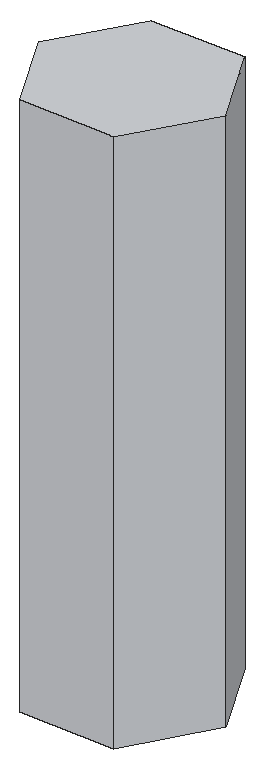
Revit family "$Player_Cat", category Generic Models, Revit 2020
Family settings
  Can host rebar = No
  Round Connector Dimension = Use Diameter
  Part Type = Normal
  Work Plane-Based = No
  Always vertical = Yes
  Cut with Voids When Loaded = No
  Shared = No
  Room Calculation Point = No
Parameters (values of type "SD")
  yes = 2 > 1  # yes
  show_standard [instance] = not(show_overweight)  # yes
  show_overweight [instance] = _property_is_overweight  # no
  no = not(yes)  # no
  _property_positionID = 5
  _property_name = "Peter"
  _property_luck = 50
  _property_is_overweight = no
  _property_hold_status = ""
  _asset_tools = ""
  _asset_skills = ""
  _asset_money = 100
  _asset_direction = 1
  Default Elevation = 0 mm
Reference planes
  plane 1 "Center (Front/Back)": y = 0
  plane 2: z = 0
  plane 3 "Center (Left/Right)": x = 0
Forms (mm)
  Extrusion 1, solid, visible <- "show_standard"
    sketch origin (0, 0, 0) x (1, 0, 0) y (0, 1, 0)
      loop
        line (300, 0) -> (150, 259.808) -> (-150, 259.808) -> (-300, 0) -> (-150, -259.808) -> (150, -259.808) -> (300, 0)
    from 0 to 1750
  Extrusion 2, solid, visible <- "show_overweight"
    sketch origin (0, 0, 0) x (1, 0, 0) y (0, 1, 0)
      loop
        line (500, 0) -> (250, 433.013) -> (-250, 433.013) -> (-500, 0) -> (-250, -433.013) -> (250, -433.013) -> (500, 0)
    from 0 to 1300
Dimensions and locks
  aligned and locked: plane 2 to level
  aligned and locked: plane 1 "Center (Front/Back)" to nested 1
  aligned and locked: plane 3 "Center (Left/Right)" to nested 1
Nested families
  nested 1: "NAME_SYMBOL" at (0, 0, 0), _property_name <- "_property_name", _property_positionID <- "_property_positionID", type "NAME_SYMBOL"
    with _property_positionID 5, _property_name "Peter"
Definition of nested family "NAME_SYMBOL"
  Parameters (values of type "NAME_SYMBOL")
    _property_positionID [instance] = 0
    _property_name [instance] = ""
  Reference planes
    plane 1: y = 0
    plane 2: x = 0
  Lines and regions (mm)
    detail lines
      curve 1: line (-15, -5, 0) -> (15, -5, 0)
      curve 2: line (-15, 5, 0) -> (-15, -5, 0)
      curve 3: line (15, 5, 0) -> (-15, 5, 0)
      curve 4: line (15, -5, 0) -> (15, 5, 0)
  Text (mm)
    label "A\npositionID = _property_positionID" at (0.077, 0.299, 0), shows "_property_name", "_property_positionID"
